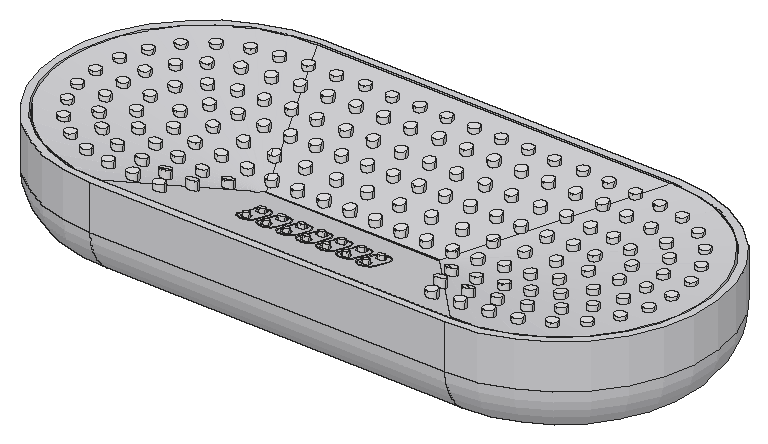
Revit family "Shower-Showerhead-KOHLER-K-26297T", category Plumbing Fixtures, host Face, Revit 2017 (continued)
Definition of nested family "K-26297T"
  Lines and regions (in)
    symbolic lines, detail levels medium+fine
      curve 96: arc (0.86974, -2.68321, 0) -> (1.10236, -2.91583, 0) -> (1.33498, -2.68321, 0) r 0.23262
      curve 97: spline (1.02287, -2.15811, 0) -> (1.0251, -2.17874, 0) -> (1.03284, -2.19808, 0) -> (1.04554, -2.21475, 0) -> (1.06231, -2.22757, 0) -> (1.08195, -2.23565, 0) -> (1.1031, -2.2384, 0) -> (1.12424, -2.23565, 0) -> (1.14388, -2.22757, 0) -> (1.16065, -2.21475, 0) -> (1.17335, -2.19808, 0) -> (1.18109, -2.17874, 0) -> (1.18333, -2.15811, 0)
      curve 98: spline (1.18333, -2.15811, 0) -> (1.18109, -2.13748, 0) -> (1.17335, -2.11815, 0) -> (1.16065, -2.10148, 0) -> (1.14388, -2.08865, 0) -> (1.12424, -2.08058, 0) -> (1.1031, -2.07782, 0) -> (1.08195, -2.08058, 0) -> (1.06231, -2.08865, 0) -> (1.04554, -2.10148, 0) -> (1.03284, -2.11815, 0) -> (1.0251, -2.13748, 0) -> (1.02287, -2.15811, 0)
      curve 99: spline (1.22752, -2.15811, 0) -> (1.22406, -2.19011, 0) -> (1.21205, -2.22009, 0) -> (1.19235, -2.24594, 0) -> (1.16635, -2.26583, 0) -> (1.13588, -2.27835, 0) -> (1.1031, -2.28263, 0) -> (1.07031, -2.27835, 0) -> (1.03984, -2.26583, 0) -> (1.01384, -2.24594, 0) -> (0.99414, -2.22009, 0) -> (0.98213, -2.19011, 0) -> (0.97867, -2.15811, 0)
      curve 100: spline (0.97867, -2.15811, 0) -> (0.98213, -2.12611, 0) -> (0.99414, -2.09613, 0) -> (1.01384, -2.07028, 0) -> (1.03984, -2.0504, 0) -> (1.07031, -2.03787, 0) -> (1.1031, -2.0336, 0) -> (1.13588, -2.03787, 0) -> (1.16635, -2.0504, 0) -> (1.19235, -2.07028, 0) -> (1.21205, -2.09613, 0) -> (1.22406, -2.12611, 0) -> (1.22752, -2.15811, 0)
      curve 101: spline (1.18333, -2.69773, 0) -> (1.18109, -2.6771, 0) -> (1.17335, -2.65776, 0) -> (1.16065, -2.6411, 0) -> (1.14388, -2.62827, 0) -> (1.12424, -2.6202, 0) -> (1.1031, -2.61744, 0) -> (1.08195, -2.6202, 0) -> (1.06231, -2.62827, 0) -> (1.04554, -2.6411, 0) -> (1.03284, -2.65776, 0) -> (1.0251, -2.6771, 0) -> (1.02287, -2.69773, 0)
      curve 102: spline (1.02287, -2.69773, 0) -> (1.0251, -2.71836, 0) -> (1.03284, -2.73769, 0) -> (1.04554, -2.75436, 0) -> (1.06231, -2.76719, 0) -> (1.08195, -2.77526, 0) -> (1.1031, -2.77802, 0) -> (1.12424, -2.77526, 0) -> (1.14388, -2.76719, 0) -> (1.16065, -2.75436, 0) -> (1.17335, -2.73769, 0) -> (1.18109, -2.71836, 0) -> (1.18333, -2.69773, 0)
      curve 103: spline (0.97867, -2.69773, 0) -> (0.98213, -2.66573, 0) -> (0.99414, -2.63575, 0) -> (1.01384, -2.6099, 0) -> (1.03984, -2.59001, 0) -> (1.07031, -2.57749, 0) -> (1.1031, -2.57321, 0) -> (1.13588, -2.57749, 0) -> (1.16635, -2.59001, 0) -> (1.19235, -2.6099, 0) -> (1.21205, -2.63575, 0) -> (1.22406, -2.66573, 0) -> (1.22752, -2.69773, 0)
      curve 104: spline (1.22752, -2.69773, 0) -> (1.22406, -2.72973, 0) -> (1.21205, -2.75971, 0) -> (1.19235, -2.78556, 0) -> (1.16635, -2.80544, 0) -> (1.13588, -2.81797, 0) -> (1.1031, -2.82224, 0) -> (1.07031, -2.81797, 0) -> (1.03984, -2.80544, 0) -> (1.01384, -2.78556, 0) -> (0.99414, -2.75971, 0) -> (0.98213, -2.72973, 0) -> (0.97867, -2.69773, 0)
      curve 105: line (0.88549, -2.15417, 0) -> (0.88549, -2.68321, 0)
      curve 106: spline (0.88634, -2.68324, 0) -> (0.89236, -2.73879, 0) -> (0.9132, -2.79083, 0) -> (0.9474, -2.83571, 0) -> (0.99254, -2.87023, 0) -> (1.04544, -2.89197, 0) -> (1.10236, -2.89939, 0) -> (1.15928, -2.89197, 0) -> (1.21218, -2.87023, 0) -> (1.25732, -2.83571, 0) -> (1.29152, -2.79083, 0) -> (1.31237, -2.73879, 0) -> (1.31838, -2.68324, 0)
      curve 107: line (1.31923, -2.68321, 0) -> (1.31923, -2.15417, 0)
      curve 108: spline (1.31838, -2.15415, 0) -> (1.31237, -2.0986, 0) -> (1.29152, -2.04655, 0) -> (1.25732, -2.00168, 0) -> (1.21218, -1.96716, 0) -> (1.15928, -1.94541, 0) -> (1.10236, -1.93799, 0) -> (1.04544, -1.94541, 0) -> (0.99254, -1.96716, 0) -> (0.9474, -2.00168, 0) -> (0.9132, -2.04655, 0) -> (0.89236, -2.0986, 0) -> (0.88634, -2.15415, 0)
      curve 109: line (1.77919, -2.15811, 0) -> (1.77919, -2.69773, 0)
      curve 110: line (1.52986, -2.15813, 0) -> (1.52986, -2.69774, 0)
      curve 111: line (1.88616, -2.68321, 0) -> (1.88616, -2.15417, 0)
      curve 112: arc (1.88616, -2.15417, 0) -> (1.65354, -1.92156, 0) -> (1.42092, -2.15417, 0) r 0.23262
      curve 113: line (1.42092, -2.15417, 0) -> (1.42092, -2.68321, 0)
      curve 114: arc (1.42092, -2.68321, 0) -> (1.65354, -2.91583, 0) -> (1.88616, -2.68321, 0) r 0.23262
      curve 115: spline (1.57405, -2.15811, 0) -> (1.57628, -2.17874, 0) -> (1.58402, -2.19808, 0) -> (1.59672, -2.21475, 0) -> (1.61349, -2.22757, 0) -> (1.63314, -2.23565, 0) -> (1.65428, -2.2384, 0) -> (1.67542, -2.23565, 0) -> (1.69507, -2.22757, 0) -> (1.71183, -2.21475, 0) -> (1.72453, -2.19808, 0) -> (1.73227, -2.17874, 0) -> (1.73451, -2.15811, 0)
      curve 116: spline (1.73451, -2.15811, 0) -> (1.73227, -2.13748, 0) -> (1.72453, -2.11815, 0) -> (1.71183, -2.10148, 0) -> (1.69507, -2.08865, 0) -> (1.67542, -2.08058, 0) -> (1.65428, -2.07782, 0) -> (1.63314, -2.08058, 0) -> (1.61349, -2.08865, 0) -> (1.59672, -2.10148, 0) -> (1.58402, -2.11815, 0) -> (1.57628, -2.13748, 0) -> (1.57405, -2.15811, 0)
      curve 117: spline (1.7787, -2.15811, 0) -> (1.77524, -2.19011, 0) -> (1.76323, -2.22009, 0) -> (1.74354, -2.24594, 0) -> (1.71753, -2.26583, 0) -> (1.68706, -2.27835, 0) -> (1.65428, -2.28263, 0) -> (1.62149, -2.27835, 0) -> (1.59102, -2.26583, 0) -> (1.56502, -2.24594, 0) -> (1.54532, -2.22009, 0) -> (1.53332, -2.19011, 0) -> (1.52986, -2.15811, 0)
      curve 118: spline (1.52986, -2.15811, 0) -> (1.53332, -2.12611, 0) -> (1.54532, -2.09613, 0) -> (1.56502, -2.07028, 0) -> (1.59102, -2.0504, 0) -> (1.62149, -2.03787, 0) -> (1.65428, -2.0336, 0) -> (1.68706, -2.03787, 0) -> (1.71753, -2.0504, 0) -> (1.74354, -2.07028, 0) -> (1.76323, -2.09613, 0) -> (1.77524, -2.12611, 0) -> (1.7787, -2.15811, 0)
      curve 119: spline (1.73451, -2.69773, 0) -> (1.73227, -2.6771, 0) -> (1.72453, -2.65776, 0) -> (1.71183, -2.6411, 0) -> (1.69507, -2.62827, 0) -> (1.67542, -2.6202, 0) -> (1.65428, -2.61744, 0) -> (1.63314, -2.6202, 0) -> (1.61349, -2.62827, 0) -> (1.59672, -2.6411, 0) -> (1.58402, -2.65776, 0) -> (1.57628, -2.6771, 0) -> (1.57405, -2.69773, 0)
      curve 120: spline (1.57405, -2.69773, 0) -> (1.57628, -2.71836, 0) -> (1.58402, -2.73769, 0) -> (1.59672, -2.75436, 0) -> (1.61349, -2.76719, 0) -> (1.63314, -2.77526, 0) -> (1.65428, -2.77802, 0) -> (1.67542, -2.77526, 0) -> (1.69507, -2.76719, 0) -> (1.71183, -2.75436, 0) -> (1.72453, -2.73769, 0) -> (1.73227, -2.71836, 0) -> (1.73451, -2.69773, 0)
      curve 121: spline (1.52986, -2.69773, 0) -> (1.53332, -2.66573, 0) -> (1.54532, -2.63575, 0) -> (1.56502, -2.6099, 0) -> (1.59102, -2.59001, 0) -> (1.62149, -2.57749, 0) -> (1.65428, -2.57321, 0) -> (1.68706, -2.57749, 0) -> (1.71753, -2.59001, 0) -> (1.74354, -2.6099, 0) -> (1.76323, -2.63575, 0) -> (1.77524, -2.66573, 0) -> (1.7787, -2.69773, 0)
      curve 122: spline (1.7787, -2.69773, 0) -> (1.77524, -2.72973, 0) -> (1.76323, -2.75971, 0) -> (1.74354, -2.78556, 0) -> (1.71753, -2.80544, 0) -> (1.68706, -2.81797, 0) -> (1.65428, -2.82224, 0) -> (1.62149, -2.81797, 0) -> (1.59102, -2.80544, 0) -> (1.56502, -2.78556, 0) -> (1.54532, -2.75971, 0) -> (1.53332, -2.72973, 0) -> (1.52986, -2.69773, 0)
      curve 123: line (1.43667, -2.15417, 0) -> (1.43667, -2.68321, 0)
      curve 124: spline (1.43753, -2.68324, 0) -> (1.44354, -2.73879, 0) -> (1.46438, -2.79083, 0) -> (1.49858, -2.83571, 0) -> (1.54373, -2.87023, 0) -> (1.59662, -2.89197, 0) -> (1.65354, -2.89939, 0) -> (1.71046, -2.89197, 0) -> (1.76336, -2.87023, 0) -> (1.8085, -2.83571, 0) -> (1.8427, -2.79083, 0) -> (1.86355, -2.73879, 0) -> (1.86956, -2.68324, 0)
      curve 125: line (1.87041, -2.68321, 0) -> (1.87041, -2.15417, 0)
      curve 126: spline (1.86956, -2.15415, 0) -> (1.86355, -2.0986, 0) -> (1.8427, -2.04655, 0) -> (1.8085, -2.00168, 0) -> (1.76336, -1.96716, 0) -> (1.71046, -1.94541, 0) -> (1.65354, -1.93799, 0) -> (1.59662, -1.94541, 0) -> (1.54373, -1.96716, 0) -> (1.49858, -2.00168, 0) -> (1.46438, -2.04655, 0) -> (1.44354, -2.0986, 0) -> (1.43753, -2.15415, 0)
      curve 127: line (-0.94557, 0, 0.79528) -> (0.94557, 0, 0.79528)
      curve 128: arc (-0.79494, 0, 0.44705) -> (-0.84879, 0, 0.39319) -> (-0.79494, 0, 0.33934) r 0.05385
      curve 129: line (-0.79494, 0, 0.33934) -> (-0.09031, 0, 0.33934)
      curve 130: line (-0.09068, 0, 0.44705) -> (-0.79494, 0, 0.44705)
      curve 131: line (0.79494, 0, 0.44705) -> (0.09068, 0, 0.44705)
      curve 132: arc (0.79494, 0, 0.33934) -> (0.84879, 0, 0.39319) -> (0.79494, 0, 0.44705) r 0.05385
      curve 133: line (0.09031, 0, 0.33934) -> (0.79494, 0, 0.33934)
      curve 134: arc (0, 0, 0.28819) -> (0.10531, 0, 0.3935) -> (0, 0, 0.49881) r 0.10531
      curve 135: arc (0, 0, 0.49881) -> (-0.10531, 0, 0.3935) -> (0, 0, 0.28819) r 0.10531
      curve 136: arc (0, 0, 0.47319) -> (-0.07969, 0, 0.3935) -> (0, 0, 0.31381) r 0.07969
      curve 137: arc (0, 0, 0.31381) -> (0.07969, 0, 0.3935) -> (0, 0, 0.47319) r 0.07969
      curve 138: line (-0.66799, 0, 0.33934) -> (-0.66799, 0, 0.44705)
      curve 139: line (-0.19815, 0, 0.44705) -> (-0.19815, 0, 0.33934)
      curve 140: line (0.19815, 0, 0.33934) -> (0.19815, 0, 0.44705)
      curve 141: line (0.66799, 0, 0.44705) -> (0.66799, 0, 0.33934)
      curve 142: line (-0.94557, 0, 0.03205) -> (0.94557, 0, 0.03205)
      curve 145: circle (0, 3.11243, 0) r 0.14404 normal (0, 0, 1)
      curve 146: circle (0.38349, 2.36942, 0) r 0.14404 normal (0, 0, 1)
      curve 147: circle (0.7502, 3.10763, 0) r 0.14404 normal (0, 0, 1)
      curve 148: circle (0.01285, 1.54978, 0) r 0.14404 normal (0, 0, 1)
      curve 149: circle (0.35658, 0.757, 0) r 0.14404 normal (0, 0, 1)
      curve 150: circle (0.35658, -0.74541, 0) r 0.14404 normal (0, 0, 1)
      curve 151: circle (1.06442, -0.75511, 0) r 0.14404 normal (0, 0, 1)
      curve 152: circle (1.78195, -0.7648, 0) r 0.14404 normal (0, 0, 1)
      curve 153: circle (2.49948, -0.7648, 0) r 0.14404 normal (0, 0, 1)
      curve 154: circle (3.18793, -0.74541, 0) r 0.14404 normal (0, 0, 1)
      curve 155: circle (3.09096, -1.53082, 0) r 0.14404 normal (0, 0, 1)
      curve 156: circle (3.7988, -1.55021, 0) r 0.14404 normal (0, 0, 1)
      curve 157: circle (3.43034, -2.33562, 0) r 0.14404 normal (0, 0, 1)
      curve 158: circle (3.76971, -3.06285, 0) r 0.14404 normal (0, 0, 1)
      curve 159: circle (4.52603, -3.03376, 0) r 0.14404 normal (0, 0, 1)
      curve 160: circle (4.18665, -2.32592, 0) r 0.14404 normal (0, 0, 1)
      curve 161: circle (4.51633, -1.49203, 0) r 0.14404 normal (0, 0, 1)
      curve 162: circle (4.91388, -2.23866, 0) r 0.14404 normal (0, 0, 1)
      curve 163: circle (5.26295, -2.95619, 0) r 0.14404 normal (0, 0, 1)
      curve 164: circle (5.97079, -2.83983, 0) r 0.14404 normal (0, 0, 1)
      curve 165: circle (5.6702, -2.13199, 0) r 0.14404 normal (0, 0, 1)
      curve 166: circle (6.35865, -1.81201, 0) r 0.14404 normal (0, 0, 1)
      curve 167: circle (6.66893, -2.51985, 0) r 0.14404 normal (0, 0, 1)
      curve 168: circle (6.83813, -1.32138, 0) r 0.14404 normal (0, 0, 1)
      curve 169: circle (7.25072, -2.03503, 0) r 0.14404 normal (0, 0, 1)
      curve 170: circle (7.65215, -1.39943, 0) r 0.14404 normal (0, 0, 1)
      curve 171: circle (7.90862, -0.73038, 0) r 0.14404 normal (0, 0, 1)
      curve 172: circle (7.17266, -0.68578, 0) r 0.14404 normal (0, 0, 1)
      curve 173: circle (6.32519, -0.66348, 0) r 0.14404 normal (0, 0, 1)
      curve 174: circle (5.84571, -1.19872, 0) r 0.14404 normal (0, 0, 1)
      curve 175: circle (5.19896, -1.42173, 0) r 0.14404 normal (0, 0, 1)
      curve 176: circle (5.33277, -0.61887, 0) r 0.14404 normal (0, 0, 1)
      curve 177: circle (4.64142, -0.74153, 0) r 0.14404 normal (0, 0, 1)
      curve 178: circle (3.91661, -0.73038, 0) r 0.14404 normal (0, 0, 1)
      curve 179: circle (2.49948, 0.7648, 0) r 0.14404 normal (0, 0, -1)
      curve 180: circle (3.18793, 0.74541, 0) r 0.14404 normal (0, 0, -1)
      curve 181: circle (3.09096, 1.53082, 0) r 0.14404 normal (0, 0, -1)
      curve 182: circle (3.7988, 1.55021, 0) r 0.14404 normal (0, 0, -1)
      curve 183: circle (3.43034, 2.33562, 0) r 0.14404 normal (0, 0, -1)
      curve 184: circle (3.76971, 3.06285, 0) r 0.14404 normal (0, 0, -1)
      curve 185: circle (4.52603, 3.03376, 0) r 0.14404 normal (0, 0, -1)
      curve 186: circle (4.18665, 2.32592, 0) r 0.14404 normal (0, 0, -1)
      curve 187: circle (4.51633, 1.49203, 0) r 0.14404 normal (0, 0, -1)
      curve 188: circle (4.91388, 2.23866, 0) r 0.14404 normal (0, 0, -1)
      curve 189: circle (5.26295, 2.95619, 0) r 0.14404 normal (0, 0, -1)
      curve 190: circle (5.97079, 2.83983, 0) r 0.14404 normal (0, 0, -1)
      curve 191: circle (5.6702, 2.13199, 0) r 0.14404 normal (0, 0, -1)
      curve 192: circle (6.35865, 1.81201, 0) r 0.14404 normal (0, 0, -1)
      curve 193: circle (6.66893, 2.51985, 0) r 0.14404 normal (0, 0, -1)
      curve 194: circle (6.83813, 1.32138, 0) r 0.14404 normal (0, 0, -1)
      curve 195: circle (7.25072, 2.03503, 0) r 0.14404 normal (0, 0, -1)
      curve 196: circle (7.65215, 1.39943, 0) r 0.14404 normal (0, 0, -1)
      curve 197: circle (7.90862, 0.73038, 0) r 0.14404 normal (0, 0, -1)
      curve 198: circle (7.17266, 0.68578, 0) r 0.14404 normal (0, 0, -1)
      curve 199: circle (6.32519, 0.66348, 0) r 0.14404 normal (0, 0, -1)
      curve 200: circle (5.84571, 1.19872, 0) r 0.14404 normal (0, 0, -1)
      curve 201: circle (5.19896, 1.42173, 0) r 0.14404 normal (0, 0, -1)
      curve 202: circle (5.33277, 0.61887, 0) r 0.14404 normal (0, 0, -1)
      curve 203: circle (4.64142, 0.74153, 0) r 0.14404 normal (0, 0, -1)
      curve 204: circle (3.91661, 0.73038, 0) r 0.14404 normal (0, 0, -1)
      curve 205: circle (0.44579, -0.0206, 0) r 0.14404 normal (0, 0, 1)
      curve 206: circle (1.31555, -0.00945, 0) r 0.14404 normal (0, 0, 1)
      curve 207: circle (2.17417, -0.00945, 0) r 0.14404 normal (0, 0, 1)
      curve 208: circle (3.02163, -0.00945, 0) r 0.14404 normal (0, 0, 1)
      curve 209: circle (3.8914, 0.0017, 0) r 0.14404 normal (0, 0, 1)
      curve 210: circle (4.75001, 0.01285, 0) r 0.14404 normal (0, 0, 1)
      curve 211: circle (5.65323, 0.0017, 0) r 0.14404 normal (0, 0, 1)
      curve 212: circle (6.48955, 0.01285, 0) r 0.14404 normal (0, 0, 1)
      curve 213: circle (7.23666, 0.01285, 0) r 0.14404 normal (0, 0, 1)
      curve 214: circle (7.97261, -0.0206, 0) r 0.14404 normal (0, 0, 1)
      curve 215: circle (1.07411, 0.7648, 0) r 0.14404 normal (0, 0, -1)
      curve 216: circle (1.78195, 0.75511, 0) r 0.14404 normal (0, 0, -1)
      curve 217: circle (1.54923, 1.55021, 0) r 0.14404 normal (0, 0, -1)
      curve 218: circle (0.76383, 1.54051, 0) r 0.14404 normal (0, 0, -1)
      curve 219: circle (1.15168, 2.35501, 0) r 0.14404 normal (0, 0, -1)
      curve 220: circle (1.908, 2.36471, 0) r 0.14404 normal (0, 0, -1)
      curve 221: circle (2.66432, 2.35501, 0) r 0.14404 normal (0, 0, -1)
      curve 222: circle (2.29586, 1.54051, 0) r 0.14404 normal (0, 0, -1)
      curve 223: circle (3.01339, 3.11133, 0) r 0.14404 normal (0, 0, -1)
      curve 224: circle (2.24738, 3.08224, 0) r 0.14404 normal (0, 0, -1)
      curve 225: circle (1.50075, 3.11133, 0) r 0.14404 normal (0, 0, -1)
      curve 226: circle (-0.38349, 2.36942, 0) r 0.14404 normal (0, 0, -1)
      curve 227: circle (-0.7502, 3.10763, 0) r 0.14404 normal (0, 0, -1)
      curve 228: circle (-0.35658, 0.757, 0) r 0.14404 normal (0, 0, -1)
      curve 229: circle (-0.35658, -0.74541, 0) r 0.14404 normal (0, 0, -1)
      curve 230: circle (-1.06442, -0.75511, 0) r 0.14404 normal (0, 0, -1)
      curve 231: circle (-1.78195, -0.7648, 0) r 0.14404 normal (0, 0, -1)
      curve 232: circle (-2.49948, -0.7648, 0) r 0.14404 normal (0, 0, -1)
      curve 233: circle (-3.18793, -0.74541, 0) r 0.14404 normal (0, 0, -1)
      curve 234: circle (-3.09096, -1.53082, 0) r 0.14404 normal (0, 0, -1)
      curve 235: circle (-3.7988, -1.55021, 0) r 0.14404 normal (0, 0, -1)
      curve 236: circle (-3.43034, -2.33562, 0) r 0.14404 normal (0, 0, -1)
      curve 237: circle (-3.76971, -3.06285, 0) r 0.14404 normal (0, 0, -1)
      curve 238: circle (-4.52603, -3.03376, 0) r 0.14404 normal (0, 0, -1)
      curve 239: circle (-4.18665, -2.32592, 0) r 0.14404 normal (0, 0, -1)
      curve 240: circle (-4.51633, -1.49203, 0) r 0.14404 normal (0, 0, -1)
      curve 241: circle (-4.91388, -2.23866, 0) r 0.14404 normal (0, 0, -1)
      curve 242: circle (-5.26295, -2.95619, 0) r 0.14404 normal (0, 0, -1)
      curve 243: circle (-5.97079, -2.83983, 0) r 0.14404 normal (0, 0, -1)
      curve 244: circle (-5.6702, -2.13199, 0) r 0.14404 normal (0, 0, -1)
      curve 245: circle (-6.35865, -1.81201, 0) r 0.14404 normal (0, 0, -1)
      curve 246: circle (-6.66893, -2.51985, 0) r 0.14404 normal (0, 0, -1)
      curve 247: circle (-6.83813, -1.32138, 0) r 0.14404 normal (0, 0, -1)
      curve 248: circle (-7.25072, -2.03503, 0) r 0.14404 normal (0, 0, -1)
      curve 249: circle (-7.65215, -1.39943, 0) r 0.14404 normal (0, 0, -1)
      curve 250: circle (-7.90862, -0.73038, 0) r 0.14404 normal (0, 0, -1)
      curve 251: circle (-7.17266, -0.68578, 0) r 0.14404 normal (0, 0, -1)
      curve 252: circle (-6.32519, -0.66348, 0) r 0.14404 normal (0, 0, -1)
      curve 253: circle (-5.84571, -1.19872, 0) r 0.14404 normal (0, 0, -1)
      curve 254: circle (-5.19896, -1.42173, 0) r 0.14404 normal (0, 0, -1)
      curve 255: circle (-5.33277, -0.61887, 0) r 0.14404 normal (0, 0, -1)
      curve 256: circle (-4.64142, -0.74153, 0) r 0.14404 normal (0, 0, -1)
      curve 257: circle (-3.91661, -0.73038, 0) r 0.14404 normal (0, 0, -1)
      curve 258: circle (-2.49948, 0.7648, 0) r 0.14404 normal (0, 0, 1)
      curve 259: circle (-3.18793, 0.74541, 0) r 0.14404 normal (0, 0, 1)
      curve 260: circle (-3.09096, 1.53082, 0) r 0.14404 normal (0, 0, 1)
      curve 261: circle (-3.7988, 1.55021, 0) r 0.14404 normal (0, 0, 1)
      curve 262: circle (-3.43034, 2.33562, 0) r 0.14404 normal (0, 0, 1)
      curve 263: circle (-3.76971, 3.06285, 0) r 0.14404 normal (0, 0, 1)
      curve 264: circle (-4.52603, 3.03376, 0) r 0.14404 normal (0, 0, 1)
      curve 265: circle (-4.18665, 2.32592, 0) r 0.14404 normal (0, 0, 1)
      curve 266: circle (-4.51633, 1.49203, 0) r 0.14404 normal (0, 0, 1)
      curve 267: circle (-4.91388, 2.23866, 0) r 0.14404 normal (0, 0, 1)
      curve 268: circle (-5.26295, 2.95619, 0) r 0.14404 normal (0, 0, 1)
      curve 269: circle (-5.97079, 2.83983, 0) r 0.14404 normal (0, 0, 1)
      curve 270: circle (-5.6702, 2.13199, 0) r 0.14404 normal (0, 0, 1)
      curve 271: circle (-6.35865, 1.81201, 0) r 0.14404 normal (0, 0, 1)
      curve 272: circle (-6.66893, 2.51985, 0) r 0.14404 normal (0, 0, 1)
      curve 273: circle (-6.83813, 1.32138, 0) r 0.14404 normal (0, 0, 1)
      curve 274: circle (-7.25072, 2.03503, 0) r 0.14404 normal (0, 0, 1)
      curve 275: circle (-7.65215, 1.39943, 0) r 0.14404 normal (0, 0, 1)
      curve 276: circle (-7.90862, 0.73038, 0) r 0.14404 normal (0, 0, 1)
      curve 277: circle (-7.17266, 0.68578, 0) r 0.14404 normal (0, 0, 1)
      curve 278: circle (-6.32519, 0.66348, 0) r 0.14404 normal (0, 0, 1)
      curve 279: circle (-5.84571, 1.19872, 0) r 0.14404 normal (0, 0, 1)
      curve 280: circle (-5.19896, 1.42173, 0) r 0.14404 normal (0, 0, 1)
      curve 281: circle (-5.33277, 0.61887, 0) r 0.14404 normal (0, 0, 1)
      curve 282: circle (-4.64142, 0.74153, 0) r 0.14404 normal (0, 0, 1)
      curve 283: circle (-3.91661, 0.73038, 0) r 0.14404 normal (0, 0, 1)
      curve 284: circle (-0.44579, -0.0206, 0) r 0.14404 normal (0, 0, -1)
      curve 285: circle (-1.31555, -0.00945, 0) r 0.14404 normal (0, 0, -1)
      curve 286: circle (-2.17417, -0.00945, 0) r 0.14404 normal (0, 0, -1)
      curve 287: circle (-3.02163, -0.00945, 0) r 0.14404 normal (0, 0, -1)
      curve 288: circle (-3.8914, 0.0017, 0) r 0.14404 normal (0, 0, -1)
      curve 289: circle (-4.75001, 0.01285, 0) r 0.14404 normal (0, 0, -1)
      curve 290: circle (-5.65323, 0.0017, 0) r 0.14404 normal (0, 0, -1)
      curve 291: circle (-6.48955, 0.01285, 0) r 0.14404 normal (0, 0, -1)
      curve 292: circle (-7.23666, 0.01285, 0) r 0.14404 normal (0, 0, -1)
      curve 293: circle (-7.97261, -0.0206, 0) r 0.14404 normal (0, 0, -1)
      curve 294: circle (-1.07411, 0.7648, 0) r 0.14404 normal (0, 0, 1)
      curve 295: circle (-1.78195, 0.75511, 0) r 0.14404 normal (0, 0, 1)
      curve 296: circle (-1.54923, 1.55021, 0) r 0.14404 normal (0, 0, 1)
      curve 297: circle (-0.76383, 1.54051, 0) r 0.14404 normal (0, 0, 1)
      curve 298: circle (-1.15168, 2.35501, 0) r 0.14404 normal (0, 0, 1)
      curve 299: circle (-1.908, 2.36471, 0) r 0.14404 normal (0, 0, 1)
      curve 300: circle (-2.66432, 2.35501, 0) r 0.14404 normal (0, 0, 1)
      curve 301: circle (-2.29586, 1.54051, 0) r 0.14404 normal (0, 0, 1)
      curve 302: circle (-3.01339, 3.11133, 0) r 0.14404 normal (0, 0, 1)
      curve 303: circle (-2.24738, 3.08224, 0) r 0.14404 normal (0, 0, 1)
      curve 304: circle (-1.50075, 3.11133, 0) r 0.14404 normal (0, 0, 1)
      curve 305: line (-4.91948, 3.83661, 0) -> (4.91948, 3.83661, 0)
      curve 306: arc (4.91948, 3.83661, 0) -> (8.75609, 0, 0) -> (4.91948, -3.83661, 0) r 3.83661
      curve 307: line (4.91948, -3.83661, 0) -> (-4.91948, -3.83661, 0)
      curve 308: arc (-4.91948, -3.83661, 0) -> (-8.75609, 0, 0) -> (-4.91948, 3.83661, 0) r 3.83661
      curve 309: line (-4.91948, 3.78543, 0) -> (4.91948, 3.78543, 0)
      curve 310: arc (4.91948, 3.78543, 0) -> (8.70491, 0, 0) -> (4.91948, -3.78543, 0) r 3.78543
      curve 311: line (4.91948, -3.78543, 0) -> (-4.91948, -3.78543, 0)
      curve 312: arc (-4.91948, -3.78543, 0) -> (-8.70491, 0, 0) -> (-4.91948, 3.78543, 0) r 3.78543
      curve 313: line (2.4246, -1.06859, 0) -> (-2.4246, -1.06859, 0)
      curve 314: line (-2.42478, -1.11253, 0) -> (2.4246, -1.11253, 0)
      curve 315: line (2.4246, -1.11253, 0) -> (3.41373, -2.19254, 0)
      curve 316: line (2.4246, -1.11253, 0) -> (2.4246, -1.06859, 0)
      curve 317: line (4.89345, 3.78543, 0) -> (4.57922, 3.16762, 0)
      curve 318: line (-2.42478, -1.11253, 0) -> (-3.41383, -2.19253, 0)
      curve 319: line (3.57141, -2.3647, 0) -> (4.8726, -3.78543, 0)
      curve 320: line (2.50592, -0.9087, 0) -> (2.4246, -1.06859, 0)
      curve 321: line (2.91439, -0.10561, 0) -> (2.61957, -0.68526, 0)
      curve 322: line (3.70222, 1.44335, 0) -> (3.03618, 0.13385, 0)
      curve 323: line (4.09472, 2.21504, 0) -> (3.82828, 1.6912, 0)
      curve 324: line (4.44917, 2.91194, 0) -> (4.22212, 2.46553, 0)
      curve 325: line (-4.89345, 3.78543, 0) -> (-4.57922, 3.16762, 0)
      curve 326: line (-2.50592, -0.9087, 0) -> (-2.4246, -1.06859, 0)
      curve 327: line (-2.91439, -0.10561, 0) -> (-2.61957, -0.68526, 0)
      curve 328: line (-3.70222, 1.44335, 0) -> (-3.03618, 0.13385, 0)
      curve 329: line (-4.09472, 2.21504, 0) -> (-3.82828, 1.6912, 0)
      curve 330: line (-4.44917, 2.91194, 0) -> (-4.22212, 2.46553, 0)
      curve 331: line (-3.57143, -2.36461, 0) -> (-4.87261, -3.78543, 0)
    symbolic lines, detail levels fine
      curve 143: line (0, -0.47727, 0.0315) -> (0, 0.47706, 0.0315)
      curve 144: line (0, 0.47733, 0.79528) -> (0, -0.47733, 0.79528)
  Dimensions and locks (in)
    plane 7 to level = 3.41339"
    plane 5 to plane 4 = 8.06693"
    plane 7 to plane 6 = 2.61811"
    plane 8 to plane 9 = 0.86614"
    locked: plane 11 to plane 10 at 17.83465
    aligned and locked: plane 2 to level
Types (7): name | Type | Model | Finish
  (no name) | 1 | "K-26297T-CP" | Kohler-Plastic-CP-Polished_Chrome
  CP- Polished Chrome | 1 | "K-26297T-CP" | Kohler-Plastic-CP-Polished_Chrome
  AF- French Gold | 2 | "K-26297T-AF" | KOHLER-Plastic-AF-Vibrant_French_Gold
  BL- Matte Black | 3 | "K-26297T-BL" | Kohler-Plastic-BL-Matte_Black
  BN- Brushed Nickel | 4 | "K-26297T-BN" | KOHLER-Plastic-BN-Vibrant_Brushed_Nickel
  2MB- Brushed Moderne Brass | 5 | "K-26297T-2MB" | Kohler-Plasticl-2MB-Vibrant_Brushed_Moderne_Brass
  RGD- Rose Gold | 6 | "K-26297T-RGD" | Kohler-Plastic-RGD-Rose_Gold
